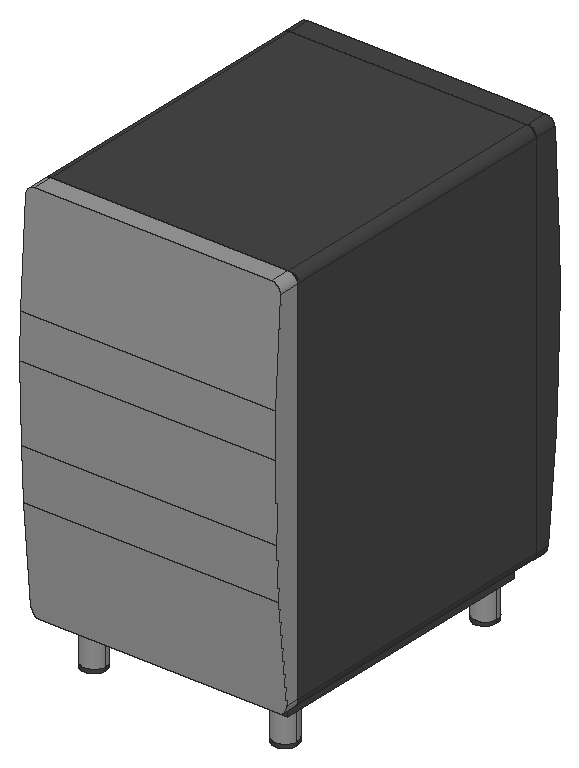
Revit family "Franke_Refrigeration_side_unit_SU12_CM-A1000_FM_CM(EU,CH,GB)", category Specialty Equipment, Revit 2015
Parameters (values of type "Refrigeration side unit SU12 CM-A1000 FM CM(220-240V/anthracite/EU,CH,GB)")
  Volts max. = 240 V
  URL = "https://www.franke.com/main/en/cs/products/product-search.html"
  Depth (mm) = 475 mm
  Temperature range = "+ 3° C to +8° C"
  Volts min. = 220 V
  Max Overcurrent Protection = "-"
  Cycle Alternative = 60 Hz
  Cycle = 50 Hz
  Model = "410874 - Refrigeration side unit SU12 CM - A1000 FM CM"
  Milk storage = "12 l"
  Current consumption = "0.72 A"
  Cost = 0
  Height (mm) = 586 mm
  Manufacturer = "Franke"
  Energy loss acc. to DIN 18873 = "0.783 kWh/24 h - 230 V"
  Width (mm) = 340 mm
  Description = "Refrigeration side unit SU12 for storage of cooled milk"
  Assembly Code = "Refrigeration side unit SU12"
  Keynote = "Refrigeration side unit SU12"
  Weight = "26 kg"
  Number of Poles = 1
  Number of Protective Conductors = "1"
  Number of Nutral Conductors = "1"
  Frontcover [instance] = Franke Anthracite
Types (3, lengths in mm): name | Frontcover
  (no name) | Franke Anthracite
  Refrigeration side unit SU12 CM-A1000 FM CM(220-240V/black line/EU,CH,GB) | Franke Black
  Refrigeration side unit SU12 CM-A1000 FM CM(220-240V/anthracite/EU,CH,GB) | Franke Anthracite
Reference planes
  plane 1 "Mitte (Vorne/Hinten)": y = 0
  plane 2: z = 0
  plane 3 "Mitte (Links/Rechts)": x = 0
Forms (mm)
  Extrusion 1, solid, material "Franke Black"
    sketch origin (0, 0, 0) x (1, 0, 0) y (0, 0, 1)
      loop
        arc (-170, 78) -> (-166.485, 69.515) -> (-158, 66) r 12
        line (-158, 66) -> (158, 66)
        arc (158, 66) -> (166.485, 69.515) -> (170, 78) r 12
        line (170, 78) -> (170, 574)
        arc (170, 574) -> (166.485, 582.485) -> (158, 586) r 12
        line (158, 586) -> (-158, 586)
        arc (-158, 586) -> (-166.485, 582.485) -> (-170, 574) r 12
        line (-170, 574) -> (-170, 78)
    from -198.03 to 198.03
  Extrusion 2, solid, material "Franke Black"
    sketch origin (0, 0, 0) x (0, 1, 0) y (0, 0, 1)
      loop
        line (186.97, 66) -> (-188.03, 66) -> (-188.03, 46) -> (186.97, 46) -> (186.97, 66)
    from -149 to 149
  Extrusion 3, solid, material "Franke Black"
    sketch origin (0, 0, 0) x (1, 0, 0) y (0, 1, 0)
      loop
        line (-139, 119.911) -> (-139, 96.511) -> (-120.3, 96.511) -> (-120.3, 119.911) -> (-139, 119.911)
      loop
        line (120.3, 119.911) -> (120.3, 96.511) -> (139, 96.511) -> (139, 119.911) -> (120.3, 119.911)
      loop
        line (120.3, -95.689) -> (120.3, -119.089) -> (139, -119.089) -> (139, -95.689) -> (120.3, -95.689)
      loop
        line (-139, -95.689) -> (-139, -119.089) -> (-120.3, -119.089) -> (-120.3, -95.689) -> (-139, -95.689)
    from 42 to 46
  Extrusion 4, solid, material "Franke Chrome"
    sketch origin (0, 0, 0) x (1, 0, 0) y (0, 1, 0)
      loop
        circle (-127.5, 166.47) r 16
      loop
        circle (-127.5, -166.13) r 16
      loop
        circle (127.5, 166.47) r 16
      loop
        circle (127.5, -166.13) r 16
    from 5 to 46
  Extrusion 5, solid, material "Franke Black"
    sketch origin (0, 0, -41) x (1, 0, 0) y (0, 1, 0)
      loop
        circle (-127.5, 166.47) r 16
      loop
        circle (-127.5, -166.13) r 16
      loop
        circle (127.5, 166.47) r 16
      loop
        circle (127.5, -166.13) r 16
    from 41 to 46
  Extrusion 6, solid, material "Franke Anthracite" <- "Frontcover"
    sketch origin (0, 0, 0) x (0, 1, 0) y (0, 0, 1)
      loop
        line (-199.53, 586) -> (-226.03, 586)
        arc (-226.03, 586) -> (-230.938, 512.688) -> (-234.804, 439.314) r 5166.525
        arc (-234.804, 439.314) -> (-235.718, 409.388) -> (-235.736, 379.448) r 1000
        arc (-235.736, 379.448) -> (-234.928, 328.403) -> (-233.97, 277.36) r 17389.365
        arc (-233.97, 277.36) -> (-232.66, 242.583) -> (-230.141, 207.872) r 1000
        arc (-230.141, 207.872) -> (-223.415, 136.903) -> (-216.03, 66) r 7668.804
        line (-216.03, 66) -> (-199.53, 66) -> (-199.53, 586)
    from -170 to 170
  Extrusion 7, solid, material "Franke Black"
    sketch origin (0, 0, 0) x (0, 1, 0) y (0, 0, 1)
      loop
        line (228.03, 586) -> (199.53, 586) -> (199.53, 66) -> (216.03, 66)
        arc (216.03, 66) -> (223.625, 137.651) -> (230.787, 209.347) r 11934.303
        arc (230.787, 209.347) -> (233.53, 243.904) -> (235.074, 278.535) r 1000
        arc (235.074, 278.535) -> (236.278, 326.896) -> (237.256, 375.262) r 10374.963
        arc (237.256, 375.262) -> (237.334, 405.934) -> (236.472, 436.595) r 1000
        arc (236.472, 436.595) -> (232.736, 511.325) -> (228.03, 586) r 5764.394
    from -170 to 170
  Extrusion 8, solid, material "Franke Black"
    sketch origin (0, 0, 0) x (1, 0, 0) y (0, 0, 1)
      loop
        line (-120, 576) -> (-120, 66) -> (120, 66) -> (120, 576) -> (-120, 576)
    from 198.03 to 199.53
  Extrusion 9, solid, material "Franke Black"
    sketch origin (0, 397.56, 0) x (1, 0, 0) y (0, 0, 1)
      loop
        line (-120, 576) -> (-120, 66) -> (120, 66) -> (120, 576) -> (-120, 576)
    from 198.03 to 199.53
  Extrusion 10, void
    sketch origin (0, 0, 0) x (1, 0, 0) y (0, 0, 1)
      loop
        line (-158, 586) -> (-158, 596) -> (-180, 596) -> (-180, 574) -> (-170, 574)
        arc (-170, 574) -> (-166.485, 582.485) -> (-158, 586) r 12
      loop
        arc (158, 586) -> (166.485, 582.485) -> (170, 574) r 12
        line (170, 574) -> (180, 574) -> (180, 596) -> (158, 596) -> (158, 586)
      loop
        arc (-158, 66) -> (-166.485, 69.515) -> (-170, 78) r 12
        line (-170, 78) -> (-180, 78) -> (-180, 56) -> (-158, 56) -> (-158, 66)
      loop
        line (158, 66) -> (158, 56) -> (180, 56) -> (180, 78) -> (170, 78)
        arc (170, 78) -> (166.485, 69.515) -> (158, 66) r 12
    from -296.752 to 350.669
  Extrusion 11, void
    sketch origin (0, 0, 0) x (1, 0, 0) y (0, 1, 0)
      loop
        circle (-2, 69.416) r 50
    from 0 to 56
  Extrusion 12, solid, material "Franke Chrome"
    sketch origin (0, 0, 0) x (1, 0, 0) y (0, 1, 0)
      loop
        circle (0, 95.015) r 2.5
    from 46 to 56
Cuts and joins
  Extrusion 11 cuts Extrusion 2
  Extrusion 10 cuts Extrusion 6
  Extrusion 10 cuts Extrusion 7
Dimensions and locks
  aligned and locked: level to plane 2
Connectors
  electrical at (0, 95.015, 46), driven by "Volts min.", driven by "Number of Poles"
    settings: on Extrusion 12, index 1, voltage 220 V, apparent load 0 VA, apparent load phase1 0 VA, apparent load phase2 0 VA, apparent load phase3 0 VA, power factor 1, load classification "Strom", number of poles 1, system type 31, power factor state 1, is connector primary yes, connector utility no, sub classification motor no, connector description ""
